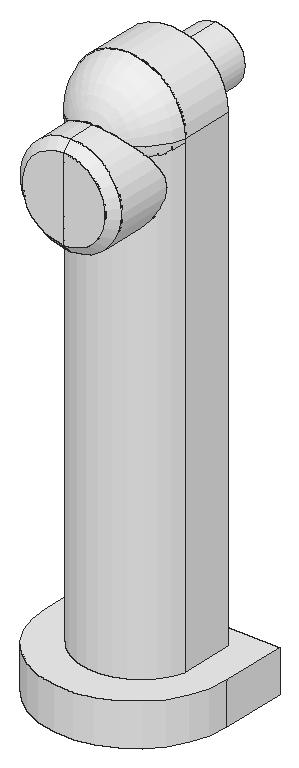
Revit family "Tub_Spout-Grohe-Plus-13407_Series", category Plumbing Fixtures, host Face, Revit 2018
Family settings
  Host = Face
  Round Connector Dimension = Use Diameter
  Part Type = Normal
  OmniClass Number = 23.45.05.14.21.11
  OmniClass Title = Bath/Shower Units
  Cut with Voids When Loaded = No
  Shared = Yes
  Room Calculation Point = No
Parameters (values of type "13407003")
  cUPC Compliant = yes
  Width = 2 11/16"
  Waste Connection = no
  WFU = 4  # constant formula
  Vent Connection = no
  URL = "https://www.grohe.us/"
  Type Comments = ""
  Tempered Water Connection = yes
  Tempered Connection Diameter = 1/2"
  Product Page URL = "https://www.grohe.us/Tub-Fillers/Diverter-Tub-Spout/GROHE-CHROME-13407003"
  Product Documentation Link = "https://americanstandard.box.com/shared/static/ywjj893794zciecw28tecrvinro7mz3g.pdf"
  Model = "13407003"
  Material = "Metal-Grohe-003-StarLight Chrome"
  Manufacturer = "Grohe"
  Length = 8 9/16"  # constant formula
  Installation Type = "Wall Mounted"
  Height = 2 5/16"  # constant formula
  HWFU = 3  # constant formula
  HW Connection = no
  Finish = Metal-Grohe-003-StarLight Chrome
  Description = "Tub Spout"
  Default Elevation = 21"  # constant formula
  Creation Date = "07/29/2022"  # constant formula
  Compliance Certifications = "• Energy Policy Act of 1992,• ASME A112.18.1/CSA B125.1,• LOGO CEC"
  CWFU = 3  # constant formula
  CW Connection = no
  Assembly Code = "D2020300"
Types (3): name | Product Page URL | Model | Material | Finish
  (no name) | "https://www.grohe.us/Tub-Fillers/Diverter-Tub-Spout/GROHE-CHROME-13407003" | "13407003" | "Metal-Grohe-003-StarLight Chrome" | Metal-Grohe-003-StarLight Chrome
  13407EN3 | "https://www.grohe.us/Tub-Fillers/Diverter-Tub-Spout/GROHE-BRUSHED-NICKEL-13407EN3" | "13407EN3" | "Metal-Grohe-EN3-Brushed Nickel Infinity Finish" | Metal-Grohe-EN3-Brushed Nickel Infinity Finish
  13407003 | "https://www.grohe.us/Tub-Fillers/Diverter-Tub-Spout/GROHE-CHROME-13407003" | "13407003" | "Metal-Grohe-003-StarLight Chrome" | Metal-Grohe-003-StarLight Chrome
Reference planes (in)
  plane 1 "Center (Front/Back)": y = 0
  plane 2: z = 0
  plane 3 "Center (Left/Right)": x = 0
  plane 4: z = 0.625
  plane 5: x = 1.34375
  plane 6: x = -1.34375
  plane 7: z = 8.5625
  plane 8: z = 7.125
  plane 9: y = -1.1875
  plane 10: y = 1.125
Forms (in)
  Extrusion 1, solid, material "Metal-Grohe-003-StarLight Chrome" <- "Finish"
    sketch origin (0, 0, 0) x (1, 0, 0) y (0, 1, 0)
      loop
        arc (-1.34375, 0.15179) -> (0, -1.19196) -> (1.34375, 0.15179) r 1.34375
        line (1.34375, 0.15179) -> (1.34375, 1.125) -> (-1.34375, 1.125) -> (-1.34375, 0.15179)
    from 0 to 0.625
  Extrusion 2, solid, material "Metal-Grohe-003-StarLight Chrome" <- "Finish"
    sketch origin (0, 0, 0) x (1, 0, 0) y (0, 0, 1)
      loop
        line (0.85511, 0.625) -> (0.85511, 7.7076)
        arc (0.85511, 7.7076) -> (0, 8.56271) -> (-0.85511, 7.7076) r 0.85511
        line (-0.85511, 7.7076) -> (-0.85511, 0.625) -> (0.85511, 0.625)
    from -0.78951 to 0
  Extrusion 3, solid, material "Metal-Grohe-003-StarLight Chrome" <- "Finish"
    sketch origin (0, 0, 0) x (1, 0, 0) y (0, 1, 0)
      loop
        arc (-0.85207, 0) -> (0, -0.64867) -> (0.85207, 0) r 0.88396
        line (0.85207, 0) -> (-0.85207, 0)
    from 0 to 7.67438
  Revolve 4, solid, material "Metal-Grohe-003-StarLight Chrome" <- "Finish"
    sketch origin (0, -0.01691, 7.7066) x (1, 0, 0) y (0, 1, 0)
      loop
        line (0.8555, 0.01691) -> (0, 0.01691) -> (0, -0.64861)
        arc (0, -0.64861) -> (0.54194, -0.46264) -> (0.8555, 0.01691) r 0.88262
      axis (0, 0.01691) -> (0, -0.64861)
    angle from 0 to 360
  Revolve 5, solid, material "Metal-Grohe-003-StarLight Chrome" <- "Finish"
    sketch origin (0, 0, 0) x (0, 1, 0) y (0, 0, 1)
      loop
        line (-1.1875, 7.125) -> (0, 7.125) -> (0, 7.875) -> (-1.05227, 7.875) -> (-1.1875, 7.73977) -> (-1.1875, 7.125)
      axis (0, 7.125) -> (-1.1875, 7.125)
    angle from 0 to 360
  Revolve 6, solid, material "Metal-Grohe-003-StarLight Chrome" <- "Finish"
    sketch origin (0, 0, 0.6875) x (0, 1, 0) y (0, 0, 1)
      loop
        line (1.62281, 7.125) -> (1.62281, 7.55664) -> (0.9503, 7.55664) -> (0.9503, 7.29265) -> (0.78951, 7.29265) -> (0.78951, 7.125) -> (1.62281, 7.125)
      axis (1.62281, 7.125) -> (0.78951, 7.125)
    angle from 0 to 360
Cuts and joins
  joined: Extrusion 1, Extrusion 2
  joined: Revolve 4, Revolve 5
Lines and regions (in)
  Masking region 1
    outline origin (0, 0, 0) x (1, 0, 0) y (0, 0, 1)
      loop
        line (1.03125, 0.625) -> (0.85511, 0.625) -> (0.85511, 7.7076)
        arc (0.85511, 7.7076) -> (0, 8.56271) -> (-0.85511, 7.7076) r 0.85511
        line (-0.85511, 7.7076) -> (-0.85511, 0.625) -> (-1.34375, 0.625) -> (-1.34375, 0) -> (1.03125, 0) -> (1.03125, 0.625)
  symbolic lines, style "PlumbingFixtures", detail levels medium+fine
    curve 1: line (0.69886, 0, 0.625) -> (-0.85511, 0, 0.625)
  symbolic lines, detail levels fine
    curve 2: line (1.03125, 0, 0.625) -> (-1.34375, 0, 0.625)
  symbolic lines, detail levels medium+fine
    curve 3: circle (0, 0, 7.8125) r 0.43164 normal (0, -1, 0)
Dimensions and locks (in)
  plane 4 to level = 5/8"
  plane 7 to host face = 8 9/16"
  plane 8 to host face = 7 1/8"
  locked: plane 1 "Center (Front/Back)" to plane 9 at 1.1875
  locked: plane 10 to plane 9 at 2.3125
  "Width": plane 6 to plane 5
  equal spacing: plane 6, plane 3 "Center (Left/Right)", plane 5
  plane 9 to plane 10 = 2 5/16"
  plane 4 to host face = 5/8"
  aligned and locked: plane 2 to host face
  aligned and locked: level to host face
  aligned and locked: plane 1 "Center (Front/Back)" to Extrusion 2
  aligned and locked: plane 6 to Extrusion 1 sketch curve
  aligned and locked: Extrusion 1 sketch curve to plane 10
  aligned and locked: Extrusion 1 sketch curve to plane 5
  aligned and locked: Revolve 4 to plane 1 "Center (Front/Back)"
  aligned and locked: curve 3 to Revolve 6
Automatic sketch dimensions
  host sketch curve to host sketch curve = 96"  (x2)
  Extrusion 1 sketch curve to plane 1 "Center (Front/Back)" = 0.15179"
  Extrusion 2 sketch curve to plane 4 = 0"
  Extrusion 2 sketch curve to plane 3 "Center (Left/Right)" = 0"
  plane 6 to Extrusion 2 sketch curve = 0.48864"
  plane 8 to Extrusion 2 sketch curve = 0.5826"
  Masking region 1 sketch curve to plane 4 = 0"  (x2)
  Masking region 1 sketch curve to plane 6 = 0"
  Masking region 1 sketch curve to level = 0"
  plane 5 to Masking region 1 sketch curve = 5/16"
  plane 8 to Masking region 1 sketch curve = 0.5826"
  plane 1 "Center (Front/Back)" to Extrusion 3 sketch curve = 0"
  Extrusion 3 sketch curve to plane 3 "Center (Left/Right)" = 0"
  plane 6 to Extrusion 3 sketch curve = 0.49168"
  Extrusion 3 sketch curve to plane 1 "Center (Front/Back)" = 0.23529"
  Revolve 4 sketch curve to plane 3 "Center (Left/Right)" = 0"  (x2)
  plane 1 "Center (Front/Back)" to Revolve 4 sketch curve = 0"
  plane 5 to Revolve 4 sketch curve = 0.48825"
  plane 1 "Center (Front/Back)" to Revolve 4 sketch curve = 0.66551"
  plane 9 to Revolve 4 sketch curve = 0.45441"
  Revolve 4 sketch curve to plane 10 = 0.73309"
  Revolve 5 sketch curve to plane 8 = 0"  (x2)
  Revolve 5 sketch curve to plane 9 = 0"
  Revolve 5 sketch curve to plane 1 "Center (Front/Back)" = 0"
  Revolve 5 sketch curve to plane 9 = 0.13523"
  Revolve 5 sketch curve to Revolve 5 sketch curve = 0.61477"
  Revolve 5 sketch curve to Revolve 5 sketch curve = 0.13523"
  Revolve 5 sketch curve to Revolve 5 sketch curve = 0.39497"
  Masking region 1 sketch curve to Masking region 1 sketch curve = 0.17614"
  Masking region 1 sketch curve to plane 3 "Center (Left/Right)" = 0"
  plane 8 to Revolve 6 sketch curve = 11/16"  (x2)
  plane 8 to Revolve 6 sketch curve = 0.85515"
  plane 10 to Revolve 6 sketch curve = 0.33549"
  plane 10 to Revolve 6 sketch curve = 0.1747"
  Revolve 6 sketch curve to plane 10 = 0.49781"
  plane 8 to Revolve 6 sketch curve = 1.11914"
  Revolve 6 sketch curve to plane 1 "Center (Front/Back)" = 0.37281"
  Revolve 6 sketch curve to Revolve 6 sketch curve = 0"
  Revolve 5 sketch curve to plane 1 "Center (Front/Back)" = 0.41753"
  curve 2 to plane 4 = 0"
  curve 2 to plane 6 = 0"
  curve 1 to plane 4 = 0"
  curve 2 to curve 1 = 0.48864"
  plane 5 to curve 1 = 0.64489"
  plane 5 to curve 2 = 5/16"
Connectors (in)
  piping at (0, 0, 0), diameter 0.5, driven by "Tempered Connection Diameter"
    settings: on cut or joined group of Extrusion 1, Extrusion 2, index 1, connector inside diameter 24", connector length 0", flow factor 0, pipe flow 0 GPM, pressure drop 0.00 psi, fitting loss kfactor 0, connector angle 0.00°, fixture units 0, engagement length 0", angle of deflection 0.00°, flow configuration 0, flow direction 1, fitting loss method 0, system type 29, joint type 0, gender type 0, connector reference index -1, connector utility 0, adjustable connector no, is connector primary yes, connector description "1/2\" NPT Supply Inlet"
